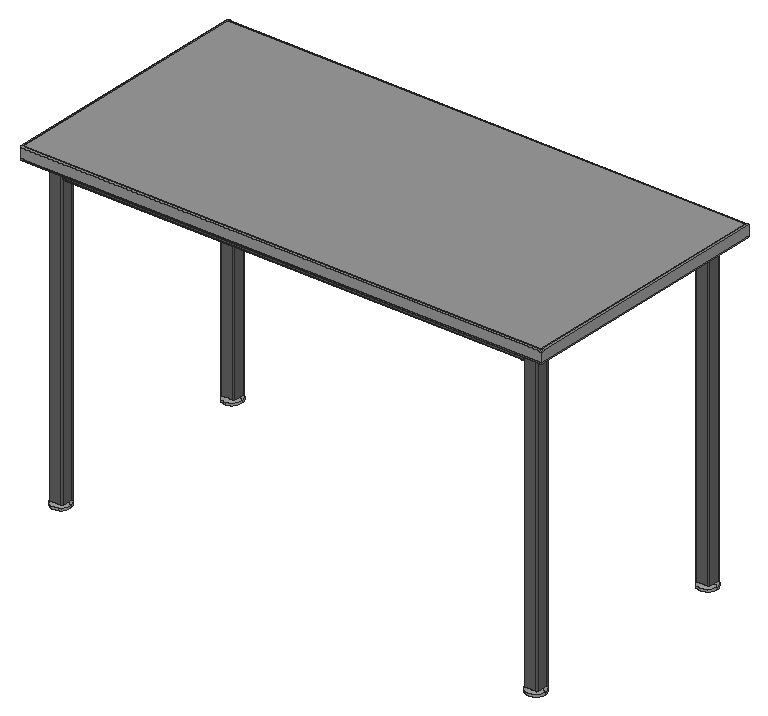
Revit family "Tutor 4824", category Generic Models, Revit 2018
Family settings
  Can host rebar = No
  Round Connector Dimension = Use Diameter
  Part Type = Normal
  Work Plane-Based = No
  Always vertical = Yes
  Cut with Voids When Loaded = No
  Shared = No
  Room Calculation Point = No
Parameters
  Surface = Tutor 4824 Surface
  Frame Finish = Tutor Frame Charcoal
  Edgeband = Tutor 4824 Edgeband
Reference planes (in)
  plane 1 "Center (Front/Back)": y = 0
  plane 2: z = 0
  plane 3 "Center (Left/Right)": x = 0
Forms (in)
  Extrusion 1, solid, material "Tutor Frame Charcoal" <- "Frame Finish"
    sketch origin (0, 0, -7) x (0, 1, 0) y (0, 0, 1)
      loop
        arc (10.4, 34.29492) -> (10.47071, 34.32421) -> (10.5, 34.39492) r 0.1
        line (10.5, 34.39492) -> (10.5, 35.44492)
        arc (10.5, 35.44492) -> (10.47071, 35.51563) -> (10.4, 35.54492) r 0.1
        line (10.4, 35.54492) -> (9.35, 35.54492)
        arc (9.35, 35.54492) -> (9.27929, 35.51563) -> (9.25, 35.44492) r 0.1
        line (9.25, 35.44492) -> (9.25, 34.39492)
        arc (9.25, 34.39492) -> (9.27929, 34.32421) -> (9.35, 34.29492) r 0.1
        line (9.35, 34.29492) -> (10.4, 34.29492)
      loop
        line (-10.4, 34.29492) -> (-9.35, 34.29492)
        arc (-9.35, 34.29492) -> (-9.27929, 34.32421) -> (-9.25, 34.39492) r 0.1
        line (-9.25, 34.39492) -> (-9.25, 35.44492)
        arc (-9.25, 35.44492) -> (-9.27929, 35.51563) -> (-9.35, 35.54492) r 0.1
        line (-9.35, 35.54492) -> (-10.4, 35.54492)
        arc (-10.4, 35.54492) -> (-10.47071, 35.51563) -> (-10.5, 35.44492) r 0.1
        line (-10.5, 35.44492) -> (-10.5, 34.39492)
        arc (-10.5, 34.39492) -> (-10.47071, 34.32421) -> (-10.4, 34.29492) r 0.1
    from -21.25 to 21.25
  Extrusion 2, solid, material "Tutor Frame Charcoal" <- "Frame Finish"
    sketch origin (0, 0, -7) x (1, 0, 0) y (0, 0, 1)
      loop
        arc (-21.35, 34.29492) -> (-21.27929, 34.32421) -> (-21.25, 34.39492) r 0.1
        line (-21.25, 34.39492) -> (-21.25, 35.44492)
        arc (-21.25, 35.44492) -> (-21.27929, 35.51563) -> (-21.35, 35.54492) r 0.1
        line (-21.35, 35.54492) -> (-22.4, 35.54492)
        arc (-22.4, 35.54492) -> (-22.47071, 35.51563) -> (-22.5, 35.44492) r 0.1
        line (-22.5, 35.44492) -> (-22.5, 34.39492)
        arc (-22.5, 34.39492) -> (-22.47071, 34.32421) -> (-22.4, 34.29492) r 0.1
        line (-22.4, 34.29492) -> (-21.35, 34.29492)
      loop
        line (21.35, 34.29492) -> (22.4, 34.29492)
        arc (22.4, 34.29492) -> (22.47071, 34.32421) -> (22.5, 34.39492) r 0.1
        line (22.5, 34.39492) -> (22.5, 35.44492)
        arc (22.5, 35.44492) -> (22.47071, 35.51563) -> (22.4, 35.54492) r 0.1
        line (22.4, 35.54492) -> (21.35, 35.54492)
        arc (21.35, 35.54492) -> (21.27929, 35.51563) -> (21.25, 35.44492) r 0.1
        line (21.25, 35.44492) -> (21.25, 34.39492)
        arc (21.25, 34.39492) -> (21.27929, 34.32421) -> (21.35, 34.29492) r 0.1
    from -9.25 to 9.25
  Extrusion 3, solid, material "Tutor 4824 Surface" <- "Surface"
    sketch origin (0, 0, -7) x (1, 0, 0) y (0, 1, 0)
      loop
        line (23.88189, 11.79339) -> (-23.88189, 11.79339) -> (-23.88189, -11.79339) -> (23.88189, -11.79339) -> (23.88189, 11.79339)
    from 35.54492 to 36.74492
  Sweep 4, solid, material "Tutor 4824 Edgeband" <- "Edgeband"
    path origin (0, 0, -7) x (1, 0, 0) y (0, 1, 0)
      loop
        line (23.88189, 11.79339) -> (-23.88189, 11.79339) -> (-23.88189, -11.79339) -> (23.88189, -11.79339) -> (23.88189, 11.79339)
    profile origin (0, 11.79339, -7) x (0, -1, 0) y (0, 0, 1)
      loop
        arc (0, 36.74492) -> (-0.08352, 36.71033) -> (-0.11811, 36.62681) r 0.11811
        line (-0.11811, 36.62681) -> (-0.11811, 35.66303)
        arc (-0.11811, 35.66303) -> (-0.08352, 35.57952) -> (0, 35.54492) r 0.11811
        line (0, 35.54492) -> (0, 36.74492)
  Extrusion 5, solid, material "Tutor Frame Charcoal" <- "Frame Finish"
    sketch origin (0, 0, -7) x (1, 0, 0) y (0, 1, 0)
      loop
        line (-21.375, 10.5) -> (-22.375, 10.5)
        arc (-22.375, 10.5) -> (-22.46339, 10.46339) -> (-22.5, 10.375) r 0.125
        line (-22.5, 10.375) -> (-22.5, 9.375)
        arc (-22.5, 9.375) -> (-22.46339, 9.28661) -> (-22.375, 9.25) r 0.125
        line (-22.375, 9.25) -> (-21.375, 9.25)
        arc (-21.375, 9.25) -> (-21.28661, 9.28661) -> (-21.25, 9.375) r 0.125
        line (-21.25, 9.375) -> (-21.25, 10.375)
        arc (-21.25, 10.375) -> (-21.28661, 10.46339) -> (-21.375, 10.5) r 0.125
      loop
        arc (21.375, 10.5) -> (21.28661, 10.46339) -> (21.25, 10.375) r 0.125
        line (21.25, 10.375) -> (21.25, 9.375)
        arc (21.25, 9.375) -> (21.28661, 9.28661) -> (21.375, 9.25) r 0.125
        line (21.375, 9.25) -> (22.375, 9.25)
        arc (22.375, 9.25) -> (22.46339, 9.28661) -> (22.5, 9.375) r 0.125
        line (22.5, 9.375) -> (22.5, 10.375)
        arc (22.5, 10.375) -> (22.46339, 10.46339) -> (22.375, 10.5) r 0.125
        line (22.375, 10.5) -> (21.375, 10.5)
      loop
        arc (-21.375, -10.5) -> (-21.28661, -10.46339) -> (-21.25, -10.375) r 0.125
        line (-21.25, -10.375) -> (-21.25, -9.375)
        arc (-21.25, -9.375) -> (-21.28661, -9.28661) -> (-21.375, -9.25) r 0.125
        line (-21.375, -9.25) -> (-22.375, -9.25)
        arc (-22.375, -9.25) -> (-22.46339, -9.28661) -> (-22.5, -9.375) r 0.125
        line (-22.5, -9.375) -> (-22.5, -10.375)
        arc (-22.5, -10.375) -> (-22.46339, -10.46339) -> (-22.375, -10.5) r 0.125
        line (-22.375, -10.5) -> (-21.375, -10.5)
      loop
        line (21.375, -10.5) -> (22.375, -10.5)
        arc (22.375, -10.5) -> (22.46339, -10.46339) -> (22.5, -10.375) r 0.125
        line (22.5, -10.375) -> (22.5, -9.375)
        arc (22.5, -9.375) -> (22.46339, -9.28661) -> (22.375, -9.25) r 0.125
        line (22.375, -9.25) -> (21.375, -9.25)
        arc (21.375, -9.25) -> (21.28661, -9.28661) -> (21.25, -9.375) r 0.125
        line (21.25, -9.375) -> (21.25, -10.375)
        arc (21.25, -10.375) -> (21.28661, -10.46339) -> (21.375, -10.5) r 0.125
    from 7.41992 to 35.54492
  Revolve 6, solid, material "Tutor Frame Platinum"
    sketch origin (6, -9.875, 0) x (1, 0, 0) y (0, 0, 1)
      loop
        line (-27.875, 0.41992) -> (-27.875, 0) -> (-27.00001, 0) -> (-27.00001, 0.16993) -> (-27.25, 0.41992) -> (-27.875, 0.41992)
      axis (-27.875, 0.41992) -> (-27.875, 0)
    angle from 0 to 360
  Revolve 7, solid, material "Tutor Frame Platinum"
    sketch origin (6, 9.875, 0) x (1, 0, 0) y (0, 0, -1)
      loop
        line (-27.875, -0.41992) -> (-27.25, -0.41992) -> (-27.00001, -0.16993) -> (-27.00001, 0) -> (-27.875, 0) -> (-27.875, -0.41992)
      axis (-27.875, -0.41992) -> (-27.875, 0)
    angle from 0 to 360
  Revolve 8, solid, material "Tutor Frame Platinum"
    sketch origin (-6, 9.875, 0) x (-1, 0, 0) y (0, 0, 1)
      loop
        line (-27.875, 0.41992) -> (-27.875, 0) -> (-27.00001, 0) -> (-27.00001, 0.16993) -> (-27.25, 0.41992) -> (-27.875, 0.41992)
      axis (-27.875, 0.41992) -> (-27.875, 0)
    angle from 0 to 360
  Revolve 9, solid, material "Tutor Frame Platinum"
    sketch origin (-6, -9.875, 0) x (-1, 0, 0) y (0, 0, -1)
      loop
        line (-27.875, -0.41992) -> (-27.25, -0.41992) -> (-27.00001, -0.16993) -> (-27.00001, 0) -> (-27.875, 0) -> (-27.875, -0.41992)
      axis (-27.875, -0.41992) -> (-27.875, 0)
    angle from 0 to 360
Dimensions and locks (in)
  aligned and locked: plane 2 to level
